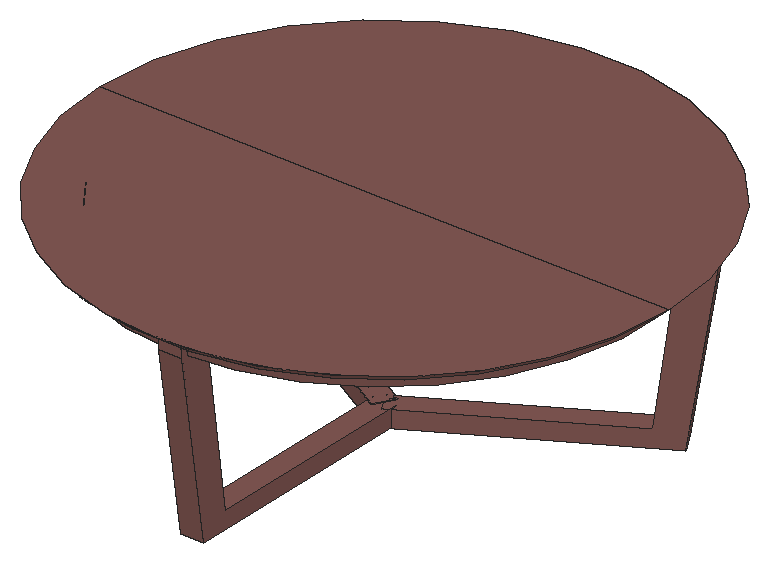
Revit family "FU_Table_Sandler_Trinity 1-5", category Furniture, Revit 2020
Family settings
  OmniClass Number = 23.40.20.00
  OmniClass Title = General Furniture and Specialties
  Work Plane-Based = No
  Always vertical = Yes
  Cut with Voids When Loaded = No
  Shared = No
  Room Calculation Point = No
Parameters (values of type "Trinity 1.5")
  Width = 1000 mm
  URL = "https://www.sandlerseating.com/product/trinity-1-5/"
  Model = "Trinity 1.5"
  Manufacturer = "Sandler"
  Height = 350 mm
  Frame [instance] = Wood - Beech - Mahogany
  Description = "Wooden side table with circular top and three joining legs, available in multiple heights and sizes."
  Depth = 1000 mm
  Default Elevation = 0 mm
Reference planes
  plane 1 "Center (Front/Back)": y = 0
  plane 2: z = 0
  plane 3 "Center (Left/Right)": x = 0
  plane 4 "Right": x = -500
  plane 5 "Left": x = 500
  plane 6 "Back": y = 500
  plane 7 "Front": y = -500
  plane 8 "Height": z = 350
  plane 9 "Seat height": z = 339.892
Forms (mm)
  Revolve 1, solid, material "Wood - Beech - Mahogany" <- "Frame"
    sketch origin (0, 0, 0) x (1, 0, 0) y (0, 0, 1)
      loop
        line (-500, 350) -> (-489.892, 339.892) -> (0, 339.892) -> (0, 350) -> (-500, 350)
      axis (0, 350) -> (0, 339.892)
    angle from 0 to 360
  Extrusion 2, solid, material "Wood - Beech - Mahogany" <- "Frame"
    sketch origin (0, 0, 0) x (0, 1, 0) y (0, 0, 1)
      loop
        line (0, 30.03) -> (-376.04, 30.03) -> (-413.861, 310.256) -> (-458.24, 310.256) -> (-463.517, 339.892) -> (-471.229, 339.892) -> (-469.813, 310.184) -> (-421.083, 0) -> (0, 0) -> (0, 30.03)
    from -20 to 20
  Extrusion 3, solid, material "Wood - Beech - Mahogany" <- "Frame"
    sketch origin (0, 0, 0) x (-0.866025, -0.5, 0) y (0, 0, 1)
      loop
        line (0, 30.03) -> (-376.04, 30.03) -> (-413.861, 310.256) -> (-458.24, 310.256) -> (-463.517, 339.892) -> (-471.229, 339.892) -> (-469.813, 310.184) -> (-421.083, 0) -> (0, 0) -> (0, 30.03)
    from -20 to 20
  Extrusion 4, solid, material "Wood - Beech - Mahogany" <- "Frame"
    sketch origin (0, 0, 0) x (0.866025, -0.5, 0) y (0, 0, 1)
      loop
        line (0, 30.03) -> (-376.04, 30.03) -> (-413.861, 310.256) -> (-458.24, 310.256) -> (-463.517, 339.892) -> (-471.229, 339.892) -> (-469.813, 310.184) -> (-421.083, 0) -> (0, 0) -> (0, 30.03)
    from -20 to 20
  Revolve 5, solid, material "Wood - Beech - Mahogany" <- "Frame"
    sketch origin (0, 0, 0) x (0, 1, 0) y (0, 0, 1)
      loop
        line (-463.517, 339.892) -> (-458.24, 310.256) -> (-413.861, 310.256) -> (-413.861, 339.892) -> (-463.517, 339.892)
      axis (0, 339.892) -> (0, 310.256)
    angle from 0 to 360
Dimensions and locks
  equal spacing: plane 4 "Right", plane 3 "Center (Left/Right)", plane 5 "Left"
  "Width": plane 4 "Right" to plane 5 "Left"
  equal spacing: plane 6 "Back", plane 1 "Center (Front/Back)", plane 7 "Front"
  "Depth": plane 6 "Back" to plane 7 "Front"
  "Height": plane 8 "Height" to level
  locked: plane 8 "Height" to plane 9 "Seat height" at 10.108
  aligned and locked: level to plane 2
Automatic sketch dimensions
  plane 4 "Right" to Revolve 1 sketch curve = 0 mm
  Revolve 1 sketch curve to plane 9 "Seat height" = 0 mm
  Revolve 1 sketch curve to plane 3 "Center (Left/Right)" = 0 mm  (x2)
  Revolve 1 sketch curve to plane 8 "Height" = 0 mm
  Revolve 1 sketch curve to plane 4 "Right" = 10.108 mm
  Revolve 1 sketch curve to plane 9 "Seat height" = 9.193 mm
  Revolve 1 sketch curve to Revolve 1 sketch curve = 15 mm
  Extrusion 2 sketch curve to plane 9 "Seat height" = 0 mm
  Extrusion 2 sketch curve to level = 0 mm
  Extrusion 2 sketch curve to plane 1 "Center (Front/Back)" = 0 mm
  level to Extrusion 2 sketch curve = 30.03 mm
  plane 7 "Front" to Extrusion 2 sketch curve = 123.96 mm
  Extrusion 2 sketch curve to plane 9 "Seat height" = 29.637 mm
  plane 7 "Front" to Extrusion 2 sketch curve = 86.139 mm
  Extrusion 2 sketch curve to Extrusion 2 sketch curve = 45.043 mm
  plane 7 "Front" to Extrusion 2 sketch curve = 36.483 mm
  plane 7 "Front" to Extrusion 2 sketch curve = 30.187 mm
  Extrusion 2 sketch curve to Extrusion 2 sketch curve = 7.712 mm
  Extrusion 2 sketch curve to Extrusion 2 sketch curve = 0.072 mm
  Extrusion 2 sketch curve to Extrusion 2 sketch curve = 11.573 mm
  plane 9 "Seat height" to Extrusion 3 sketch curve = 0 mm
  level to Extrusion 3 sketch curve = 0 mm
  Extrusion 3 sketch curve to plane 9 "Seat height" = 29.708 mm
  Extrusion 3 sketch curve to Extrusion 3 sketch curve = 1.415 mm
  Extrusion 3 sketch curve to Extrusion 3 sketch curve = 7.712 mm
  Extrusion 3 sketch curve to plane 9 "Seat height" = 29.637 mm
  Extrusion 3 sketch curve to Extrusion 3 sketch curve = 11.573 mm
  Extrusion 3 sketch curve to Extrusion 3 sketch curve = 37.157 mm
  Extrusion 3 sketch curve to Extrusion 3 sketch curve = 44.379 mm
  Extrusion 3 sketch curve to Extrusion 3 sketch curve = 45.043 mm
  level to Extrusion 3 sketch curve = 30.03 mm
  Extrusion 3 sketch curve to Extrusion 3 sketch curve = 376.04 mm
  Extrusion 4 sketch curve to plane 9 "Seat height" = 0 mm
  Extrusion 4 sketch curve to level = 0 mm
  Extrusion 4 sketch curve to plane 9 "Seat height" = 29.708 mm
  Extrusion 4 sketch curve to Extrusion 4 sketch curve = 1.415 mm
  Extrusion 4 sketch curve to Extrusion 4 sketch curve = 7.712 mm
  Extrusion 4 sketch curve to plane 9 "Seat height" = 29.637 mm
  Extrusion 4 sketch curve to Extrusion 4 sketch curve = 11.573 mm
  Extrusion 4 sketch curve to Extrusion 4 sketch curve = 37.157 mm
  Extrusion 4 sketch curve to Extrusion 4 sketch curve = 44.379 mm
  Extrusion 4 sketch curve to Extrusion 4 sketch curve = 45.043 mm
  level to Extrusion 4 sketch curve = 30.03 mm
  Extrusion 4 sketch curve to Extrusion 4 sketch curve = 376.04 mm
  Revolve 5 sketch curve to plane 9 "Seat height" = 0 mm
  Revolve 5 sketch curve to plane 1 "Center (Front/Back)" = 0 mm
  Revolve 5 sketch curve to plane 9 "Seat height" = 29.637 mm
  plane 7 "Front" to Revolve 5 sketch curve = 86.139 mm
  plane 7 "Front" to Revolve 5 sketch curve = 41.76 mm
  Revolve 5 sketch curve to Revolve 5 sketch curve = 5.277 mm
  Revolve 5 sketch curve to plane 9 "Seat height" = 70 mm
  plane 8 "Height" to Revolve 5 sketch curve = 44.892 mm
